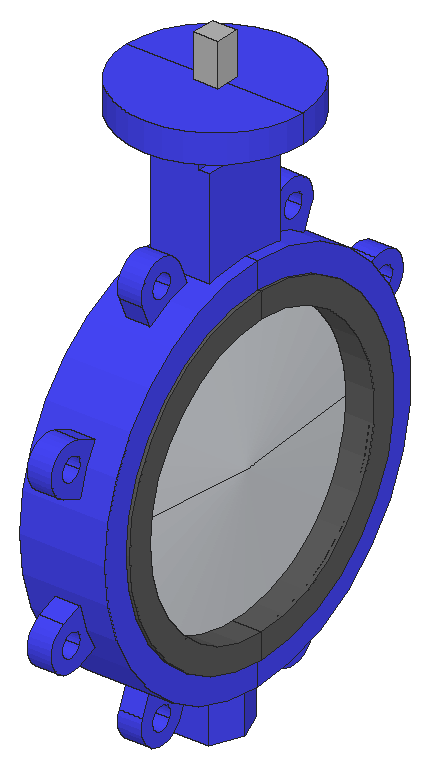
Revit family "931-20-001 DN80-200", category Pipe Accessories, Revit 2022
Family settings
  Round Connector Dimension = Use Diameter
  Part Type = Valve - Breaks Into
  Work Plane-Based = No
  Always vertical = Yes
  Cut with Voids When Loaded = No
  Shared = No
Parameters (values of type "DN200_PN16")
  wafer_fillet = wafer / 2  # 46.875 mm
  wafer_dim2 = size_lookup(Search_table, "wafer_dim2", 0 mm, DN)  # 76 mm
  wafer_dim1 = size_lookup(Search_table, "wafer_dim1", 0 mm, DN)  # 37 mm
  wafer_F = size_lookup(Search_table, "wafer_F", 0 mm, DN)  # 20 mm
  wafer = Actuator_Flange_R * 1.5  # 93.75 mm
  support = size_lookup(Search_table, "support", 0 mm, DN)  # 170 mm
  rubber = (D - Bore_R) / 2  # 17.75 mm
  hole1 = G / 2  # 8.5 mm
  disk22 = disk * 1.3  # 13 mm
  disk2 = size_lookup(Search_table, "disk2", 0 mm, DN)  # 199 mm
  disk11 = disk1 * 1.3  # 22.1 mm
  disk1 = size_lookup(Search_table, "disk1", 0 mm, DN)  # 17 mm
  disk = size_lookup(Search_table, "disk", 0 mm, DN)  # 10 mm
  base_dis = D * 1.18  # 159.89 mm
  base1 = C / 5  # 12 mm
  base = C * 0.7 / 2  # 21 mm
  URL_product_pages = "https://www.avkvalves.com/P.aspx?no=93108020020040200000"
  Slot_dim = size_lookup(Search_table, "Slot_dim", 0 mm, DN) / 2  # 17.5 mm
  Search_table = "931-20-001 DN80-200"
  PCD_R = size_lookup(Search_table, "PCD_R", 0 mm, DN)  # 149.25 mm
  Hole1 = size_lookup(Search_table, "Hole1", 0 mm, DN)  # 16.5 mm
  Hole = G * 1.1  # 18.7 mm
  H = size_lookup(Search_table, "H", 0 mm, DN) / 2  # 62.5 mm
  G = size_lookup(Search_table, "G", 0 mm, DN)  # 17 mm
  Flange_T = size_lookup(Search_table, "Flange_T", 0 mm, DN)  # 20 mm
  Flange_R = size_lookup(Search_table, "Flange_R", 0 mm, DN)  # 170 mm
  F = size_lookup(Search_table, "F", 0 mm, DN)  # 30 mm
  E = size_lookup(Search_table, "E", 0 mm, DN)  # 241 mm
  Description_ = "AVK BUTTERFLY VALVE, LUG, PN10/16"
  Default Elevation = 0 mm
  DN080_PN10/16 = "931-080-20-020040200000"
  DN200_PN16 = "931-200-20-020020200000"
  DN200_PN10 = "931-200-20-010020200000"
  DN150_PN10/16 = "931-150-20-020040200000"
  DN100_PN10/16 = "931-100-20-020040200000"
  DN = 200.1 mm
  DISK = 0 mm
  D = size_lookup(Search_table, "D", 0 mm, DN) / 2  # 135.5 mm
  C = size_lookup(Search_table, "C", 0 mm, DN)  # 60 mm
  Bore_R = size_lookup(Search_table, "Bore_R", 0 mm, DN)  # 100 mm
  Body_thickness = B1 * 1.05  # 105.525 mm
  Body_dim1 = C * 0.7  # 42 mm
  Body_dim = Actuator_Flange_R * 0.5  # 31.25 mm
  Body_Thickness = size_lookup(Search_table, "Body_Thickness", 0 mm, DN)  # 7 mm
  B1 = B + 1 mm  # 100.5 mm
  B = size_lookup(Search_table, "B", 0 mm, DN) / 2  # 99.5 mm
  Actuator_Flange_R = size_lookup(Search_table, "Actuator_Flange_R", 0 mm, DN) / 2  # 62.5 mm
  Actuator_FL_T = size_lookup(Search_table, "Actuator_FL_T", 0 mm, DN)  # 20 mm
  2 = 3 mm  # constant formula
  1 = 1 mm  # constant formula
Types (6, lengths in mm): name | wafer_fillet | wafer_dim2 | wafer_dim1 | wafer_F | wafer | support | rubber | hole1 | disk22 | disk2 | disk11 | disk1 | disk | base_dis | base1 | base | Slot_dim | PCD_R | Hole1 | Hole | H | G | Flange_T | Flange_R | F | E | DN | D | C | Bore_R | Body_thickness | Body_dim1 | Body_dim | Body_Thickness | B1 | B | Actuator_Flange_R | Actuator_FL_T
  (no name) | 46.875 | 76 | 37 | 20 | 93.75 | 170 | 17.75 | 8.5 | 13 | 199 | 22.1 | 17 | 10 | 159.89 | 12 | 21 | 17.5 | 149.25 | 16.5 | 18.7 | 62.5 | 17 | 20 | 170 | 30 | 241 | 200.1 | 135.5 | 60 | 100 | 105.525 | 42 | 31.25 | 7 | 100.5 | 99.5 | 62.5 | 20
  DN080_PN10/16 | 33.75 | 45 | 38 | 16 | 67.5 | 88 | 12.5 | 5.5 | 6.5 | 78 | 15.6 | 12 | 5 | 76.7 | 9.2 | 16.1 | 14.25 | 80 | 14 | 12.1 | 45 | 11 | 19 | 97 | 18 | 159 | 80 | 65 | 46 | 40 | 42 | 32.2 | 22.5 | 6 | 40 | 39 | 45 | 19
  DN100_PN10/16 | 33.75 | 50 | 35 | 16 | 67.5 | 101 | 15.5 | 5.5 | 9.1 | 104 | 15.6 | 12 | 7 | 95.58 | 10.4 | 18.2 | 14.3 | 90 | 14 | 12.1 | 45 | 11 | 19 | 110 | 22 | 178 | 100 | 81 | 52 | 50 | 55.65 | 36.4 | 22.5 | 6 | 53 | 52 | 45 | 19
  DN150_PN10/16 | 33.75 | 62 | 28 | 20 | 67.5 | 133 | 16.5 | 7 | 10.4 | 148 | 19.5 | 15 | 8 | 127.44 | 11.2 | 19.6 | 17.5 | 120 | 17.5 | 15.4 | 45 | 14 | 19 | 142.5 | 30 | 203 | 150 | 108 | 56 | 75 | 78.75 | 39.2 | 22.5 | 6 | 75 | 74 | 45 | 19
  DN200_PN10 | 46.875 | 76 | 37 | 20 | 93.75 | 170 | 17.75 | 8.5 | 11.7 | 199 | 22.1 | 17 | 9 | 159.89 | 12 | 21 | 17.5 | 147.5 | 20 | 18.7 | 62.5 | 17 | 19 | 170 | 30 | 241 | 200 | 135.5 | 60 | 100 | 105.525 | 42 | 31.25 | 7 | 100.5 | 99.5 | 62.5 | 19
  DN200_PN16 | 46.875 | 76 | 37 | 20 | 93.75 | 170 | 17.75 | 8.5 | 13 | 199 | 22.1 | 17 | 10 | 159.89 | 12 | 21 | 17.5 | 149.25 | 16.5 | 18.7 | 62.5 | 17 | 20 | 170 | 30 | 241 | 200.1 | 135.5 | 60 | 100 | 105.525 | 42 | 31.25 | 7 | 100.5 | 99.5 | 62.5 | 20
Reference planes
  plane 1 "Center (Front/Back)": y = 0
  plane 2: z = 0
  plane 3 "Center (Left/Right)": x = 0
  plane 4: z = 227.5
  plane 5: x = -30
  plane 6: x = 30
  plane 7: z = 99.5
  plane 8: z = 241
  plane 9: z = 271
  plane 10: x = -8.5
  plane 11: x = 8.5
  plane 12: z = -49.75
  plane 13: z = 49.75
  plane 14: y = 8.5
  plane 15: y = -8.5
  plane 16: y = 8.5
  plane 17: y = -8.5
  plane 18: x = -21
  plane 19: x = 21
  plane 20: y = 31.25
  plane 21: y = -31.25
  plane 22: z = 221
  plane 23: z = 135.5
  plane 24: z = 106.5
  plane 25: z = 221
  plane 26: x = -33
  plane 27: x = 33
  plane 28: x = -62.5
  plane 29: x = 62.5
  plane 30: z = 99.5
  plane 31: z = -99.5
  plane 32: z = -99.5
  plane 33: z = 99.5
  plane 34: x = -8.5
  plane 35: x = 8.5
  plane 36: y = 21
  plane 37: y = -21
  plane 38: x = -12.469
  plane 39: x = 12.469
  plane 40: z = 135.5
  plane 41: z = -135.5
  plane 42: through (4267.2, 0, 0) normal (0, -0.3746, 0.9272)
  plane 43: through (4267.2, 0, 0) normal (0, -0.3746, -0.9272)
  plane 44: through (4267.2, 0, 0) normal (0, -0.9272, -0.3746)
  plane 45: through (0, 0, 0) normal (0, 0.9205, -0.3907)
  plane 46: through (0, 0, 0) normal (0, 0.9205, 0.3907)
  plane 47: through (0, 0, 0) normal (0, 0.3907, 0.9205)
  plane 48: through (0, 0, 0) normal (0, 0.3907, -0.9205)
  plane 49: through (4267.2, 0, 0) normal (0, -0.9272, 0.3746)
Forms (mm)
  Revolve 1, solid, material "Default Roof"
    sketch origin (0, 0, 0) x (1, 0, 0) y (0, 0, 1)
      loop
        line (-30, 100.5) -> (30, 100.5) -> (30, 135.5) -> (-30, 135.5) -> (-30, 100.5)
      axis (-30, 0) -> (30, 0)
    angle from 0 to 360
  Revolve 2, solid, material "Default Roof"
    sketch origin (0, 0, 0) x (1, 0, 0) y (0, 0, 1)
      loop
        line (0, 241) -> (0, 221) -> (62.5, 221) -> (62.5, 241) -> (0, 241)
      axis (0, 241) -> (0, 221)
    angle from 0 to 360
  Extrusion 3, solid, material "Default Wall"
    sketch origin (0, 0, 0) x (1, 0, 0) y (0, 0, 1)
      loop
        line (-8.5, 271) -> (-8.5, 241) -> (8.5, 241) -> (8.5, 271) -> (-8.5, 271)
    from -8.5 to 8.5
  Extrusion 4, solid, material "Default Roof"
    sketch origin (0, 0, 0) x (1, 0, 0) y (0, 0, 1)
      loop
        line (-21, 221) -> (-21, 99.5) -> (21, 99.5) -> (21, 221) -> (-21, 221)
    from -31.25 to 31.25
  Extrusion 5, void
    sketch origin (0, 0, 0) x (0, 1, 0) y (0, 0, 1)
      loop
        line (31.25, 221) -> (11.25, 221) -> (11.25, 201) -> (31.25, 201) -> (31.25, 221)
      loop
        line (-11.25, 221) -> (-31.25, 221) -> (-31.25, 201) -> (-11.25, 201) -> (-11.25, 221)
    from 13 to 30
  Extrusion 6, void
    sketch origin (0, 0, 0) x (0, 1, 0) y (0, 0, 1)
      loop
        line (11.25, 201) -> (31.25, 201) -> (31.25, 221) -> (11.25, 221) -> (11.25, 201)
      loop
        line (-11.25, 221) -> (-31.25, 221) -> (-31.25, 201) -> (-11.25, 201) -> (-11.25, 221)
    from -30 to -13
  Revolve 7, solid, material "Default"
    sketch origin (0, 0, 0) x (1, 0, 0) y (0, 0, 1)
      loop
        line (-33, 117.25) -> (-33, 99.5) -> (33, 99.5) -> (33, 117.25) -> (30, 117.25) -> (30, 100.5) -> (-30, 100.5) -> (-30, 117.25) -> (-33, 117.25)
      axis (-33, 0) -> (33, 0)
    angle from 0 to 360
  Extrusion 8, solid, material "Default Roof"
    sketch origin (0, 0, 0) x (1, 0, 0) y (0, 1, 0)
      loop
        line (-21, 0) -> (-12, -21) -> (12, -21) -> (21, 0) -> (12, 21) -> (-12, 21) -> (-21, 0)
    from -170 to -102.5
  Extrusion 9, solid, material "Default Roof"
    sketch origin (0, 0, 0) x (0, -0.92388, 0.382683) y (0, -0.382683, -0.92388)
      loop
        line (7.223, -17.438) -> (149.397, -16.197)
        arc (149.397, -16.197) -> (166.744, 1.455) -> (149.092, 18.802) r 17.5
        line (149.092, 18.802) -> (43.16, 17.877) -> (118.719, 92.129)
        arc (118.719, 92.129) -> (118.917, 116.894) -> (94.152, 117.058) r 17.5
        line (94.152, 117.058) -> (-7.057, 17.038) -> (-149.348, 16.197)
        arc (-149.348, 16.197) -> (-166.744, -1.43) -> (-149.092, -18.802) r 17.5
        line (-149.092, -18.802) -> (-43.16, -17.877) -> (-118.719, -92.129)
        arc (-118.719, -92.129) -> (-118.935, -116.877) -> (-94.187, -117.093) r 17.5
        line (-94.187, -117.093) -> (7.223, -17.438)
      loop
        circle (-106.453, -104.611) r 8.25
      loop
        circle (149.244, 1.302) r 8.25
      loop
        circle (106.453, 104.611) r 8.25
      loop
        circle (-149.244, -1.302) r 8.25
    from 8.5 to -8.5
  Extrusion 10, solid, material "Default Roof"
    sketch origin (0, 0, 0) x (0, -0.92388, 0.382683) y (0, -0.382683, -0.92388)
      loop
        line (-17.14, 41.379) -> (-94.187, 117.093)
        arc (-94.187, 117.093) -> (-118.935, 116.877) -> (-118.719, 92.129) r 17.5
        line (-118.719, 92.129) -> (-17.564, -7.275) -> (-18.802, -149.092)
        arc (-18.802, -149.092) -> (-1.455, -166.744) -> (16.197, -149.397) r 17.5
        line (16.197, -149.397) -> (17.14, -41.379) -> (94.187, -117.093)
        arc (94.187, -117.093) -> (118.935, -116.877) -> (118.719, -92.129) r 17.5
        line (118.719, -92.129) -> (17.564, 7.275) -> (18.802, 149.092)
        arc (18.802, 149.092) -> (1.455, 166.744) -> (-16.197, 149.397) r 17.5
        line (-16.197, 149.397) -> (-17.14, 41.379)
      loop
        circle (-1.302, -149.244) r 8.25
      loop
        circle (106.453, -104.611) r 8.25
      loop
        circle (-106.453, 104.611) r 8.25
      loop
        circle (1.302, 149.244) r 8.25
    from -8.5 to 8.5
  Extrusion 11, void
    sketch origin (0, 0, 0) x (0, -0.92388, 0.382683) y (0, -0.382683, -0.92388)
      loop
        circle (0, 0) r 99.5
    from -62.5 to 62.5
  Revolve 12, solid
    sketch origin (0, 0, 0) x (1, 0, 0) y (0, 1, 0)
      loop
        line (-22.1, 0) -> (22.1, 0)
        arc (22.1, 0) -> (19.924, 49.967) -> (13, 99.5) r 524.731
        line (13, 99.5) -> (-13, 99.5)
        arc (-13, 99.5) -> (-19.924, 49.967) -> (-22.1, 0) r 524.731
      axis (-22.1, 0) -> (22.1, 0)
    angle from 0 to 360
Cuts and joins
  Extrusion 5, Extrusion 6 cuts Revolve 2
  Extrusion 5, Extrusion 6 cuts Extrusion 4
  Extrusion 11 cuts Revolve 7
  Extrusion 11 cuts Extrusion 9
  Extrusion 11 cuts Extrusion 10
Dimensions and locks
  "B": plane 7 to level
  equal spacing: plane 6, plane 3 "Center (Left/Right)", plane 5
  "C": plane 6 to plane 5
  "E": plane 8 to level
  equal spacing: plane 11, plane 3 "Center (Left/Right)", plane 10
  "G": plane 11 to plane 10
  "F": plane 9 to plane 8
  equal spacing: plane 13, level, plane 12
  "B": plane 13 to plane 12
  "Actuator_Flange_R": Revolve 2 sketch curve to plane 3 "Center (Left/Right)"
  "Actuator_FL_T": plane 8 to Revolve 2 sketch curve
  equal spacing: Extrusion 3 sketch curve, plane 3 "Center (Left/Right)", Extrusion 3 sketch curve
  equal spacing: plane 14, plane 1 "Center (Front/Back)", plane 15
  "G": plane 14 to plane 15
  equal spacing: plane 16, plane 1 "Center (Front/Back)", plane 17
  "G": plane 16 to plane 17
  equal spacing: Extrusion 4 sketch curve, plane 3 "Center (Left/Right)", Extrusion 4 sketch curve
  "Actuator_FL_T": plane 8 to Extrusion 4 sketch curve
  equal spacing: plane 19, plane 3 "Center (Left/Right)", plane 18
  "Body_dim1": plane 19 to plane 18
  equal spacing: plane 20, plane 1 "Center (Front/Back)", plane 21
  "Body_dim": plane 20 to plane 1 "Center (Front/Back)"
  "Actuator_FL_T": plane 8 to Extrusion 5 sketch curve
  "Flange_T": plane 20 to Extrusion 5 sketch curve
  "Actuator_FL_T": plane 8 to plane 22
  "Flange_T": plane 22 to Extrusion 5 sketch curve
  equal spacing: Extrusion 5 sketch curve, plane 1 "Center (Front/Back)", Extrusion 5 sketch curve
  "G": plane 6 to cut or joined group of Extrusion 4, Extrusion 5, Extrusion 6
  "G": cut or joined group of Extrusion 4, Extrusion 5, Extrusion 6 to plane 5
  equal spacing: Revolve 7 sketch curve, plane 3 "Center (Left/Right)", Revolve 7 sketch curve  (x2)
  "2": plane 5 to Revolve 7 sketch curve
  "B1": Revolve 1 sketch curve to level
  "D": plane 23 to level
  "rubber": Revolve 7 sketch curve to plane 7
  "Body_Thickness": plane 24 to plane 7
  "Actuator_FL_T": plane 8 to plane 25
  "Flange_T": plane 25 to cut or joined group of Extrusion 4, Extrusion 5, Extrusion 6
  equal spacing: cut or joined group of Extrusion 4, Extrusion 5, Extrusion 6, plane 1 "Center (Front/Back)", cut or joined group of Extrusion 4, Extrusion 5, Extrusion 6
  "Flange_T": plane 20 to cut or joined group of Extrusion 4, Extrusion 5, Extrusion 6
  equal spacing: plane 27, plane 3 "Center (Left/Right)", plane 26
  "2": plane 5 to plane 26
  plane 27 to plane 26 = 66 mm
  equal spacing: plane 29, plane 3 "Center (Left/Right)", plane 28
  "H": plane 29 to plane 3 "Center (Left/Right)"
  equal spacing: plane 31, level, plane 30
  "disk2": plane 31 to plane 30
  "1": plane 30 to Revolve 7 sketch curve
  plane 6 to plane 5 = 60 mm  (x2)
  plane 28 to plane 29 = 125 mm
  equal spacing: plane 33, level, plane 32
  "disk2": plane 7 to plane 32
  equal spacing: plane 34, plane 3 "Center (Left/Right)", plane 35
  "G": plane 35 to plane 34
  equal spacing: plane 37, plane 1 "Center (Front/Back)", plane 36
  equal spacing: plane 38, plane 3 "Center (Left/Right)", plane 39
  equal spacing: Extrusion 8 sketch curve, plane 3 "Center (Left/Right)", Extrusion 8 sketch curve  (x3)
  "base": plane 1 "Center (Front/Back)" to plane 36
  "base": Extrusion 8 sketch curve to plane 3 "Center (Left/Right)"
  "base1": Extrusion 8 sketch curve to plane 3 "Center (Left/Right)"  (x2)
  "support": level to Extrusion 8
  "2": plane 32 to Extrusion 8
  equal spacing: plane 40, level, plane 41
  plane 40 to plane 41 = 271 mm
  "D": plane 40 to level
  plane 29 to plane 28 = 125 mm
  equal spacing: Extrusion 9 sketch curve, plane 1 "Center (Front/Back)", Extrusion 9 sketch curve  (x2)
  "Slot_dim": Extrusion 9 sketch curve to plane 43  (x2)
  "Slot_dim": Extrusion 9 sketch curve to plane 42  (x2)
  equal spacing: Extrusion 9 sketch curve, plane 43, Extrusion 9 sketch curve
  equal spacing: Extrusion 9 sketch curve, plane 42, Extrusion 9 sketch curve
  equal spacing: Extrusion 10 sketch curve, plane 46, Extrusion 10 sketch curve  (x2)
  equal spacing: Extrusion 10 sketch curve, plane 47, Extrusion 10 sketch curve  (x2)
  "Slot_dim": plane 45 to Extrusion 10 sketch curve
  "Slot_dim": Extrusion 10 sketch curve to plane 46
  equal spacing: Extrusion 10 sketch curve, plane 48, Extrusion 10 sketch curve
  "PCD_R": Extrusion 10 sketch curve to plane 47
  "PCD_R": plane 48 to Extrusion 10 sketch curve
  "PCD_R": plane 44 to Extrusion 9 sketch curve
  "PCD_R": Extrusion 9 sketch curve to plane 49
  equal spacing: Extrusion 10 sketch curve, plane 45, Extrusion 10 sketch curve  (x2)
  equal spacing: Revolve 12 sketch curve, plane 3 "Center (Left/Right)", Revolve 12 sketch curve  (x2)
  "disk11": Revolve 12 sketch curve to plane 3 "Center (Left/Right)"
  "disk22": Revolve 12 sketch curve to plane 3 "Center (Left/Right)"
  "B": plane 1 "Center (Front/Back)" to Revolve 12 sketch curve
  equal spacing: cut or joined group of Extrusion 10, Extrusion 11, level, cut or joined group of Extrusion 10, Extrusion 11  (x2)
  equal spacing: cut or joined group of Extrusion 9, Extrusion 11, plane 1 "Center (Front/Back)", cut or joined group of Extrusion 9, Extrusion 11  (x2)
  "Hole1": diameter of Extrusion 10 sketch curve  (x4)
  "Hole1": diameter of Extrusion 9 sketch curve  (x4)
  angle plane 1 "Center (Front/Back)" to plane 44 = 22.00°
  angle plane 43 to level = 22.00°
  angle level to plane 42 = 22.00°
  angle plane 1 "Center (Front/Back)" to plane 45 = 23.00°
  angle plane 46 to plane 1 "Center (Front/Back)" = 23.00°
  angle plane 1 "Center (Front/Back)" to plane 49 = 22.00°
  aligned and locked: level to plane 2
  aligned and locked: plane 5 to Revolve 1 sketch curve
  aligned and locked: plane 6 to Revolve 1 sketch curve
  aligned and locked: Revolve 1 sketch curve to level
  aligned and locked: plane 3 "Center (Left/Right)" to Revolve 2 sketch curve
  aligned and locked: Revolve 2 sketch curve to plane 8
  aligned and locked: Revolve 2 sketch curve to plane 3 "Center (Left/Right)"
  aligned and locked: plane 10 to Extrusion 3 sketch curve
  aligned and locked: plane 8 to Extrusion 3 sketch curve
  aligned and locked: Extrusion 3 sketch curve to plane 9
  aligned and locked: Extrusion 3 to plane 16
  aligned and locked: Extrusion 3 to plane 17
  aligned and locked: Extrusion 4 sketch curve to plane 18
  aligned and locked: plane 7 to Extrusion 4 sketch curve
  aligned and locked: Extrusion 4 to plane 20
  aligned and locked: Extrusion 4 to plane 21
  aligned and locked: Extrusion 5 sketch curve to plane 22
  aligned and locked: plane 21 to Extrusion 5 sketch curve
  aligned and locked: Extrusion 5 sketch curve to Extrusion 5 sketch curve
  aligned and locked: plane 6 to Extrusion 5
  aligned and locked: cut or joined group of Revolve 2, Extrusion 5, Extrusion 6 to Extrusion 6 sketch curve  (x2)
  aligned and locked: Extrusion 6 to plane 5
  aligned and locked: Revolve 7 sketch curve to Revolve 7 sketch curve
  aligned and locked: Revolve 7 sketch curve to level
  aligned and locked: Revolve 7 sketch curve to plane 5
  aligned and locked: Extrusion 6 to plane 20
  aligned and locked: Extrusion 6 to plane 21
  aligned and locked: Extrusion 5 to plane 20
  aligned and locked: cut or joined group of Extrusion 4, Extrusion 5, Extrusion 6 to cut or joined group of Extrusion 4, Extrusion 5, Extrusion 6
  aligned and locked: Revolve 7 sketch curve to plane 7
  aligned and locked: plane 36 to Extrusion 8 sketch curve
  aligned and locked: Extrusion 8 sketch curve to plane 37
  aligned and locked: plane 35 to Extrusion 9
  aligned and locked: Extrusion 9 to plane 10
  aligned and locked: Extrusion 10 to plane 10
  aligned and locked: Extrusion 10 to plane 11
  aligned and locked: Extrusion 11 sketch curve to Revolve 7  (x2)
  aligned and locked: Extrusion 11 to plane 28
  aligned and locked: Extrusion 11 to plane 29
  aligned and locked: plane 1 "Center (Front/Back)" to Revolve 12 sketch curve
  aligned and locked: plane 1 "Center (Front/Back)" to nested 1
Automatic sketch dimensions
  Extrusion 6 sketch curve to plane 21 = 0 mm
  Extrusion 6 sketch curve to plane 20 = 0 mm
  Extrusion 6 sketch curve to plane 17 = 2.75 mm
  Extrusion 6 sketch curve to plane 16 = 2.75 mm
  Extrusion 6 sketch curve to Extrusion 6 sketch curve = 20 mm  (x2)
  Extrusion 11 sketch curve to plane 1 "Center (Front/Back)" = 0 mm  (x2)
  Revolve 1 sketch curve to plane 23 = 0 mm
  plane 10 to Revolve 1 sketch curve = 0.688 mm
  Revolve 1 sketch curve to plane 6 = 7.188 mm
  Revolve 2 sketch curve to plane 25 = 2.849 mm
  Revolve 2 sketch curve to Revolve 2 sketch curve = 2 mm
  Extrusion 5 sketch curve to plane 20 = 0 mm
  plane 5 to Revolve 7 sketch curve = 1.194 mm
  Revolve 7 sketch curve to plane 29 = 28.711 mm
  plane 1 "Center (Front/Back)" to Extrusion 8 sketch curve = 0 mm  (x2)
  Extrusion 9 sketch curve to Extrusion 9 sketch curve = 0 mm  (x8)
  plane 43 to Extrusion 9 sketch curve = 0 mm
  plane 42 to Extrusion 9 sketch curve = 0 mm
  Extrusion 9 sketch curve to plane 1 "Center (Front/Back)" = 0 mm
  Extrusion 9 sketch curve to plane 42 = 0 mm
  Extrusion 9 sketch curve to plane 43 = 0 mm
  Extrusion 9 sketch curve to Extrusion 9 sketch curve = 0.103 mm
  Extrusion 10 sketch curve to Extrusion 10 sketch curve = 0 mm  (x8)
  plane 46 to Extrusion 10 sketch curve = 0 mm
  Extrusion 10 sketch curve to level = 0 mm
  Extrusion 10 sketch curve to plane 1 "Center (Front/Back)" = 0 mm  (x2)
  plane 45 to Extrusion 10 sketch curve = 0 mm
  plane 1 "Center (Front/Back)" to Revolve 12 sketch curve = 0 mm
  Revolve 12 sketch curve to plane 1 "Center (Front/Back)" = 2.176 mm  (x2)
  Revolve 12 sketch curve to plane 28 = 8.672 mm
  Revolve 12 sketch curve to plane 6 = 1.366 mm
Nested families
  nested 1: "logo small-1" at (-21, 0, 160.5) x (0, -1, 0) z (-1, 0, 0), type "logo small-1"
Connectors
  piping at (-33, 0, 0), diameter 200.1, driven by "DN"
    settings: on Revolve 7, index 1, connector inside diameter 609.6 mm, connector length 0 mm, flow factor 0, pipe flow 0.0 L/s, pressure drop 0.0 Pa, fitting loss kfactor 0, connector angle 0.00°, fixture units 0, engagement length 0 mm, angle of deflection 0.00°, flow configuration 0, flow direction 0, fitting loss method 0, system type 7, joint type 0, gender type 0, connector reference index -1, connector utility 0, adjustable connector no, is connector primary yes, connector description ""
  piping at (33, 0, 0), diameter 200.1, driven by "DN"
    settings: on Revolve 7, index 2, connector inside diameter 609.6 mm, connector length 0 mm, flow factor 0, pipe flow 0.0 L/s, pressure drop 0.0 Pa, fitting loss kfactor 0, connector angle 0.00°, fixture units 0, engagement length 0 mm, angle of deflection 0.00°, flow configuration 0, flow direction 0, fitting loss method 0, system type 7, joint type 0, gender type 0, connector reference index -1, connector utility 0, adjustable connector no, is connector primary no, connector description ""
Definition of nested family "logo small-1"
  Parameters
    Default Elevation = 1219.2 mm
  Reference planes
    plane 1 "Center (Front/Back)": y = 0
    plane 2: z = 0
    plane 3 "Center (Left/Right)": x = 0
  Forms (mm)
    Extrusion 1, solid
      sketch origin (0, 0, 0) x (1, 0, 0) y (0, 1, 0)
        loop
          line (-26.697, 30) -> (-26.697, -20.859) -> (26.519, -20.859) -> (26.519, 30) -> (-26.697, 30)
      from 0 to -304.8
    Extrusion 2, solid
      sketch origin (0, 0, 0) x (1, 0, 0) y (0, 1, 0)
        loop
          line (-20.607, 8.379) -> (-20.607, 4.302) -> (-16.724, 4.302) -> (-20.607, -5.729) -> (-16.724, -5.729) -> (-15.818, -3.389) -> (-9.104, -3.389) -> (-8.117, -5.729) -> (-3.91, -5.729) -> (-9.864, 8.379) -> (-20.607, 8.379)
        loop
          line (-12.518, 5.079) -> (-14.33, 0) -> (-10.641, 0) -> (-12.518, 5.079)
        loop
          line (-8.635, 9.738) -> (-2.292, -5.729) -> (2.173, -5.729) -> (8.451, 9.738) -> (20.488, 9.738) -> (20.488, 13.686) -> (5.312, 13.686) -> (0, 0) -> (-5.463, 13.686) -> (-20.607, 13.686) -> (-20.607, 9.738) -> (-8.635, 9.738)
        loop
          line (20.488, 4.302) -> (20.488, 8.379) -> (16.605, 8.379)
          arc (16.605, 8.379) -> (15.328, 4.717) -> (11.816, 3.072) r 4.995
          line (11.816, 3.072) -> (13.952, 8.379) -> (9.68, 8.379) -> (3.921, -5.729) -> (8.29, -5.729) -> (10.518, -0.27) -> (14.236, -5.729) -> (19.616, -5.729) -> (14.879, 0.432)
          arc (14.879, 0.432) -> (17.563, 1.981) -> (19.616, 4.302) r 9.637
          line (19.616, 4.302) -> (20.488, 4.302)
      from 0 to 2
  Dimensions and locks
    aligned and locked: plane 2 to Extrusion 1
    aligned and locked: level to Extrusion 1
    aligned and locked: Extrusion 2 sketch curve to import instance  (x36)
    aligned and locked: plane 1 "Center (Front/Back)" to Extrusion 2 sketch curve
